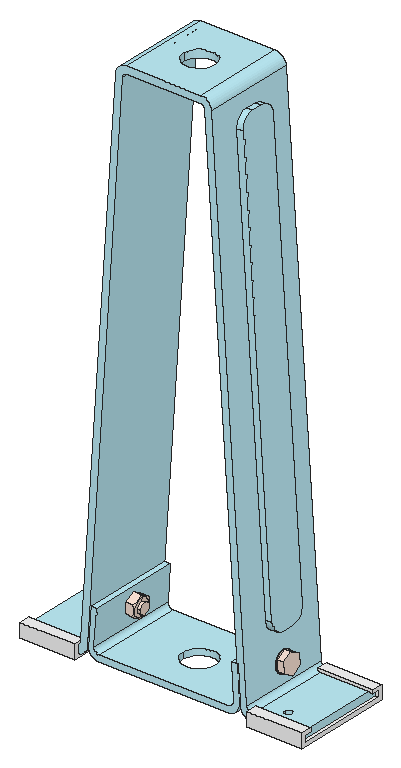
Revit family "スタンダードスタンド　H=300", category 機械設備, Revit 2020
Family settings
  丸型コネクタ寸法 = 直径を使用
  種別 = なし
  パーツ タイプ = 標準
  作業面ベース = いいえ
  常に垂直 = はい
  ロード時にボイドで切り取り = いいえ
  共有 = いいえ
  部屋計算ポイント = いいえ
Parameters
  製造元 = "株式会社桐井製作所"
  既定の高さ = 0 mm
  URL = "https://www.kirii.co.jp/"
  K_表面処理 = "Z12以上"
  K_材質 = "溶融亜鉛めっき鋼板及び鋼帯及び鋼帯 JIS G 3302"
  K_名称 = "スタンド(スタンダードタイプ用)H=300"
  K_単位質量(kg/個) = 1.276
  K_バージョン情報 = "20221219"
Reference planes
  plane 1 "中心(正面/背面)": y = 0
  plane 2: z = 0
  plane 3 "中心(左/右)": x = 0
Forms (mm)
  Extrusion 1, solid
    sketch origin (0, 0, 0) x (1, 0, 0) y (0, 0, 1)
      loop
        line (-41.253, 7.343) -> (-22.242, 291.152)
        arc (-22.242, 291.152) -> (-21.704, 292.388) -> (-20.504, 293.002) r 2
        line (-20.504, 293.002) -> (20.504, 293.002)
        arc (20.504, 293.002) -> (21.704, 292.388) -> (22.242, 291.152) r 2
        line (22.242, 291.152) -> (41.253, 7.343)
        arc (41.253, 7.343) -> (43.213, 3.531) -> (47.217, 2.001) r 6
        line (47.217, 2.001) -> (74.605, 2.001) -> (74.605, 6.001) -> (47.965, 6.001)
        arc (47.965, 6.001) -> (45.989, 6.817) -> (45.165, 8.79) r 2.8
        line (45.165, 8.79) -> (26.234, 291.403)
        arc (26.234, 291.403) -> (24.346, 295.384) -> (20.247, 297.002) r 6
        line (20.247, 297.002) -> (-20.248, 297.002)
        arc (-20.248, 297.002) -> (-24.346, 295.384) -> (-26.234, 291.403) r 6
        line (-26.234, 291.403) -> (-45.165, 8.79)
        arc (-45.165, 8.79) -> (-45.989, 6.817) -> (-47.965, 6.001) r 2.8
        line (-47.965, 6.001) -> (-74.611, 6.001) -> (-74.611, 2.001) -> (-47.217, 2.001)
        arc (-47.217, 2.001) -> (-43.213, 3.531) -> (-41.253, 7.343) r 6
    from -25 to 25
  Extrusion 2, solid
    sketch origin (0, 0, 0) x (0, 1, 0) y (0, 0, 1)
      loop
        line (-21, 7.4) -> (-27, 7.4) -> (-27, 0) -> (27, 0) -> (27, 7.4) -> (21, 7.4) -> (21, 5.4) -> (25, 5.4) -> (25, 2) -> (-25, 2) -> (-25, 5.4) -> (-21, 5.4) -> (-21, 7.4)
    from -76.611 to -46.611
  Extrusion 3, solid
    sketch origin (99, 0, 0) x (0, 1, 0) y (0, 0, 1)
      loop
        line (-21, 7.4) -> (-27, 7.4) -> (-27, 0) -> (27, 0) -> (27, 7.4) -> (21, 7.4) -> (21, 5.4) -> (25, 5.4) -> (25, 2) -> (-25, 2) -> (-25, 5.4) -> (-21, 5.4) -> (-21, 7.4)
    from -52.395 to -22.395
  Extrusion 4, void
    sketch origin (0, -0.938, 0) x (1, 0, 0) y (0, 1, 0)
      loop
        circle (0, 0) r 8.5
    from 293.002 to 297.002
  Extrusion 5, solid
    sketch origin (0, 0, 0) x (1, 0, 0) y (0, 0, 1)
      loop
        line (-36.658, 27.337) -> (-39.851, 27.551) -> (-41.119, 8.613)
        arc (-41.119, 8.613) -> (-39.604, 3.98) -> (-35.15, 2.001) r 6
        line (-35.15, 2.001) -> (35.15, 2.001)
        arc (35.15, 2.001) -> (39.604, 3.98) -> (41.119, 8.613) r 6
        line (41.119, 8.613) -> (39.851, 27.551) -> (36.658, 27.337) -> (37.95, 8.051)
        arc (37.95, 8.051) -> (37.148, 6.039) -> (35.15, 5.201) r 2.8
        line (35.15, 5.201) -> (-35.15, 5.201)
        arc (-35.15, 5.201) -> (-37.148, 6.039) -> (-37.95, 8.051) r 2.8
        line (-37.95, 8.051) -> (-36.658, 27.337)
    from -25 to 25
  Extrusion 6, void
    sketch origin (-30.493, 0, 2.721) x (0, 1, 0) y (-0.066776, 0, -0.997768)
      loop
        circle (0, -16.32) r 3.5
    from 11.044 to 15.044
  Extrusion 7, void
    sketch origin (-27.294, 0, 2.59) x (0, 1, 0) y (-0.066776, 0, -0.997768)
      loop
        circle (0, -15.567) r 3.5
    from 10.997 to 14.196
  Extrusion 8, solid
    sketch origin (-9.988, 0, -2.305) x (0, 1, 0) y (0.066834, 0, 0.997764)
      loop
        line (10, 43.055) -> (10, 277.057)
        arc (10, 277.057) -> (7.95, 282.006) -> (3, 284.057) r 7
        line (3, 284.057) -> (-3, 284.057)
        arc (-3, 284.057) -> (-7.95, 282.006) -> (-10, 277.057) r 7
        line (-10, 277.057) -> (-10, 43.055)
        arc (-10, 43.055) -> (-7.95, 38.106) -> (-3, 36.055) r 7
        line (-3, 36.055) -> (3, 36.055)
        arc (3, 36.055) -> (7.95, 38.106) -> (10, 43.055) r 7
    from -39.798 to -35.839
  Extrusion 9, solid
    sketch origin (9.988, 0, -2.305) x (0, 1, 0) y (0.066834, 0, -0.997764)
      loop
        arc (10, -43.055) -> (7.95, -38.106) -> (3, -36.055) r 7
        line (3, -36.055) -> (-3, -36.055)
        arc (-3, -36.055) -> (-7.95, -38.106) -> (-10, -43.055) r 7
        line (-10, -43.055) -> (-10, -277.057)
        arc (-10, -277.057) -> (-7.95, -282.006) -> (-3, -284.057) r 7
        line (-3, -284.057) -> (3, -284.057)
        arc (3, -284.057) -> (7.95, -282.006) -> (10, -277.057) r 7
        line (10, -277.057) -> (10, -43.055)
    from -39.798 to -35.839
  Extrusion 10, void
    sketch origin (0, 0, 0) x (1, 0, 0) y (0, 1, 0)
      loop
        circle (-59.611, 15) r 2
      loop
        circle (59.611, -15) r 2
    from 0 to 6.001
  Extrusion 11, void
    sketch origin (0, 0, 0) x (1, 0, 0) y (0, 1, 0)
      loop
        circle (0, -0.937) r 8.9
    from 2.001 to 5.201
Cuts and joins
  Extrusion 4, Extrusion 6, Extrusion 10 cuts Extrusion 1
  Extrusion 10 cuts Extrusion 8
  Extrusion 10 cuts Extrusion 9
  joined: Extrusion 1, Extrusion 8, Extrusion 9
  Extrusion 6, Extrusion 7, Extrusion 11 cuts Extrusion 5
  Extrusion 10 cuts Extrusion 2
  Extrusion 10 cuts Extrusion 3
Dimensions and locks
  aligned and locked: level to plane 2
Nested families
  nested 1: "M10×25ボルト" at (-49.402, 0, 19.802) x (0, -1, 0) z (0.0672, 0, 0.9977), type "M10×25ボルト"
  nested 2: "ナット(床)" at (-37.216, -0.023, 19) x (-0.0668, 0, -0.9978) z (0.9978, 0, -0.0668), type "ナット(床)"
  nested 3: "M10×25ボルト" at (49.402, 0, 19.802) x (0, -1, 0) z (-0.0672, 0, 0.9977), type "M10×25ボルト"
  nested 4: "ナット(床)" at (37.216, -0.023, 19) x (0.0668, 0, -0.9978) z (-0.9978, 0, -0.0668), type "ナット(床)"
Definition of nested family "M10×25ボルト"
  Parameters (values of type "M10×25ボルト")
    Manufacturer = "株式会社桐井製作所"
    Default Elevation = 0 mm
    URL = "https://www.kirii.co.jp/"
    K_材料規格 = "M10×L25"
    K_品名 = "M10×25ボルト"
    K_名称 = "M10×25ボルト"
  Reference planes
    plane 1 "中心(正面/背面)": y = 0
    plane 2: z = 0
    plane 3 "中心(左/右)": x = 0
    plane 4 "正面": y = -4
    plane 5: z = 6.928
    plane 6: z = -6.928
  Forms (mm)
    Extrusion 1, solid
      sketch origin (0, 0, 0) x (1, 0, 0) y (0, 0, 1)
        loop
          line (4.98, 2.875) -> (0, 5.75) -> (-4.98, 2.875) -> (-4.98, -2.875) -> (0, -5.75) -> (4.98, -2.875) -> (4.98, 2.875)
      from 0 to 4
    Extrusion 2, solid
      sketch origin (0, 0, 25.676) x (1, 0, 0) y (0, 0, 1)
        loop
          circle (0, -25.676) r 3
      from 4 to 19
    Extrusion 3, solid
      sketch origin (0, 0, 0) x (1, 0, 0) y (0, 0, 1)
        loop
          circle (0, 0) r 5.5
      from 4 to 5
  Cuts and joins
    joined: Extrusion 1, Extrusion 2
  Lines and regions (mm)
    model lines
      curve 1: circle (0, 0, 0) r 3 normal (0, -1, 0)
  Dimensions and locks
    aligned and locked: level to plane 2
Definition of nested family "ナット(床)"
  Parameters (values of type "ナット(床)")
    Default Elevation = 1219.2 mm
  Reference planes
    plane 1 "中心(正面/背面)": y = 0
    plane 2: z = 0
    plane 3 "中心(左/右)": x = 0
  Forms (mm)
    Extrusion 1, solid
      sketch origin (0, 0, 0) x (1, 0, 0) y (0, 1, 0)
        loop
          line (-55, 45) -> (-55, -45.273) -> (55.986, -45.273) -> (55.986, 45) -> (-55, 45)
      from 0 to -304.8
    Revolve 2, solid
      sketch origin (0, 0, 2.36) x (1, 0, 0) y (0, 0, 1)
        loop
          line (4.792, 2.64) -> (3, 2.64) -> (3, -2.36) -> (5.818, -2.36) -> (5.818, 1.64)
          arc (5.818, 1.64) -> (5.516, 2.356) -> (4.792, 2.64) r 1
        axis (0, 2.64) -> (0, -2.36)
      angle from 0 to 360
    Extrusion 3, void
      sketch origin (0, 0, 0) x (1, 0, 0) y (0, 1, 0)
        loop
          circle (0, 0) r 6
        loop
          line (5.818, 0) -> (2.909, 5.038) -> (-2.909, 5.038) -> (-5.818, 0) -> (-2.909, -5.038) -> (2.909, -5.038) -> (5.818, 0)
      from 0 to 5
  Cuts and joins
    Extrusion 3 cuts Revolve 2
  Dimensions and locks
    aligned and locked: plane 2 to Extrusion 1
    aligned and locked: level to Extrusion 1
